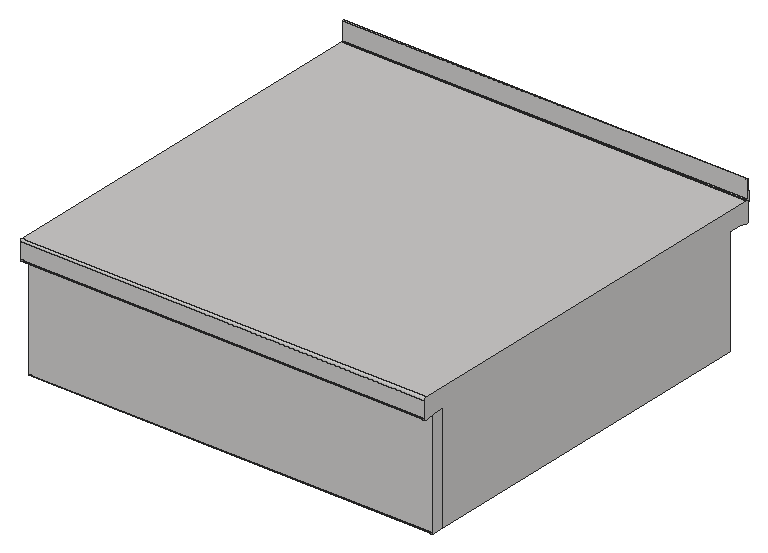
Revit family "QF_ELECTROLUXPROFESSIONAL_588117_MANABBHOOO", category Specialty Equipment, Revit 2021
Family settings
  Round Connector Dimension = Use Diameter
  Part Type = Normal
  Work Plane-Based = No
  Always vertical = Yes
  Cut with Voids When Loaded = No
  Shared = No
  Room Calculation Point = No
Parameters
  Weight in Pounds = 44.09
  Weight = 20.00 kg
  Watts = 0 W
  URL Manufacturer = "http://professional.electrolux.com"
  URL Cutsheet = "www.electrolux.com/professional"
  URL = "http://professional.electrolux.com"
  Type Mark [instance] = ""
  Status [instance] = ""
  Specification by User [instance] = ""
  Specification by Manufacturer = ""
  Serial Number = ""
  Seismic Rating = ""
  SMACNA No = ""
  Revision Code [instance] = ""
  Omniclass Number and Title = ""
  NAFEM Spec ID Number = ""
  Model = "MANABBHOOO"
  Masterspec = ""
  Manufacturer = "Electrolux Professional"
  Length Actual = 800.00 mm
  Item Number [instance] = "588117"
  Installed By [instance] = ""
  Identify Quantity as Lot [instance] = yes
  Height Actual = 250.00 mm
  HP = "0 HP"
  Gas KW = 0
  Furnished By [instance] = ""
  Foodservice Equipment Identifier [instance] = yes
  Direct Waste Size = 0"
  Description = "WORK TOP,CLOSED,1-S,BACKSPL,800X800X250H"
  Depth Actual = 800.00 mm
  Default Elevation = 0.00 mm
  CSI MasterFormat = ""
  CSI Master Format = ""
  Accessory = no
Reference planes
  plane 1 "BACK": y = 0
  plane 2: z = 0
  plane 3 "LEFT": x = 0
  plane 4 "RIGHT": x = 800
  plane 5 "FRONT": y = -800
  plane 6 "TOP": z = 250
  plane 7 "Center Y": x = 400
  plane 8 "Center X": y = -400
  plane 9: z = 288
Forms (mm)
  Extrusion 1, solid, material "QF_Finishes_Stainless Steel"
    sketch origin (0, 50.048, 0) x (0, 1, 0) y (0, 0, 1)
      loop
        line (-95.048, 213) -> (-71.412, 213) -> (-54.743, 210.061)
        arc (-54.743, 210.061) -> (-51.477, 210.936) -> (-50.048, 214) r 4
        line (-50.048, 214) -> (-50.048, 246)
        arc (-50.048, 246) -> (-51.22, 248.828) -> (-54.048, 250) r 4
        line (-54.048, 250) -> (-846.048, 250)
        arc (-846.048, 250) -> (-848.877, 248.828) -> (-850.048, 246) r 4
        line (-850.048, 246) -> (-850.048, 214)
        arc (-850.048, 214) -> (-848.619, 210.936) -> (-845.353, 210.061) r 4
        line (-845.353, 210.061) -> (-828.509, 213) -> (-805.048, 213) -> (-805.048, 0) -> (-95.048, 0) -> (-95.048, 213)
    from 0 to 800
  Extrusion 2, solid, material "QF_Finishes_Stainless Steel"
    sketch origin (0, 50.048, 0) x (0, 1, 0) y (0, 0, 1)
      loop
        arc (-828.048, 213) -> (-829.462, 212.414) -> (-830.048, 211) r 2
        line (-830.048, 211) -> (-830.048, 2)
        arc (-830.048, 2) -> (-829.462, 0.586) -> (-828.048, 0) r 2
        line (-828.048, 0) -> (-805.048, 0) -> (-805.048, 213) -> (-828.048, 213)
    from 0 to 800
  Extrusion 3, solid, material "QF_Finishes_Stainless Steel"
    sketch origin (0, -950.048, 0) x (0, -1, 0) y (0, 0, -1)
      loop
        arc (-948.097, -252.006) -> (-947.511, -250.592) -> (-946.097, -250.006) r 2
        arc (-946.097, -250.006) -> (-948.877, -248.828) -> (-950.048, -246) r 4
        line (-950.048, -246) -> (-950.048, -288.006) -> (-948.097, -288.006) -> (-948.097, -252.006)
    from 0 to 800
Lines and regions (mm)
  symbolic lines
    curve 1: line (0, 0, 0) -> (800, 0, 0)
    curve 2: line (0, -800, 0) -> (0, 0, 0)
    curve 3: line (800, -800, 0) -> (0, -800, 0)
    curve 4: line (800, 0, 0) -> (800, -800, 0)
    curve 5: line (0, -1.951, 0) -> (800, -1.951, 0)
Dimensions and locks
  equal spacing: plane 3 "LEFT", plane 7 "Center Y", plane 4 "RIGHT"
  plane 3 "LEFT" to plane 4 "RIGHT" = 800.00 mm
  equal spacing: plane 5 "FRONT", plane 8 "Center X", plane 1 "BACK"
  plane 5 "FRONT" to plane 1 "BACK" = 800.00 mm
  plane 6 "TOP" to level = 250.00 mm
  plane 9 to level = 288.00 mm
  plane 9 to plane 6 "TOP" = 38.00 mm
  aligned and locked: level to plane 2
  aligned and locked: Extrusion 1 to plane 4 "RIGHT"
  aligned and locked: Extrusion 2 to plane 4 "RIGHT"
  aligned and locked: Extrusion 3 to plane 4 "RIGHT"
Automatic sketch dimensions
  Extrusion 1 sketch curve to plane 5 "FRONT" = 0.00 mm
  Extrusion 1 sketch curve to plane 6 "TOP" = 0.00 mm
  Extrusion 1 sketch curve to level = 0.00 mm
  Extrusion 1 sketch curve to plane 1 "BACK" = 0.00 mm
  Extrusion 1 sketch curve to plane 5 "FRONT" = 4.695 mm
  Extrusion 1 sketch curve to plane 6 "TOP" = 39.939 mm
  Extrusion 1 sketch curve to plane 5 "FRONT" = 4.00 mm  (x2)
  Extrusion 1 sketch curve to Extrusion 1 sketch curve = 16.844 mm
  Extrusion 1 sketch curve to plane 5 "FRONT" = 45.00 mm
  plane 1 "BACK" to Extrusion 1 sketch curve = 45.00 mm
  plane 1 "BACK" to Extrusion 1 sketch curve = 21.364 mm
  plane 1 "BACK" to Extrusion 1 sketch curve = 4.00 mm
  plane 1 "BACK" to Extrusion 1 sketch curve = 4.695 mm
  Extrusion 1 sketch curve to Extrusion 1 sketch curve = 0.00 mm  (x2)
  Extrusion 1 sketch curve to Extrusion 1 sketch curve = 4.00 mm
  Extrusion 1 sketch curve to plane 6 "TOP" = 37.00 mm  (x2)
  Extrusion 1 sketch curve to Extrusion 1 sketch curve = 1.00 mm
  Extrusion 2 sketch curve to level = 0.00 mm
  Extrusion 2 sketch curve to plane 5 "FRONT" = 20.00 mm
  level to Extrusion 2 sketch curve = 2.00 mm
  Extrusion 2 sketch curve to Extrusion 2 sketch curve = 2.00 mm
  Extrusion 2 sketch curve to Extrusion 2 sketch curve = 23.00 mm
  Extrusion 2 sketch curve to plane 6 "TOP" = 39.00 mm
  Extrusion 3 sketch curve to plane 1 "BACK" = 0.00 mm  (x2)
  Extrusion 3 sketch curve to plane 6 "TOP" = 2.006 mm
  Extrusion 3 sketch curve to plane 6 "TOP" = 0.00 mm
  Extrusion 3 sketch curve to plane 9 = 0.006 mm
  Extrusion 3 sketch curve to Extrusion 3 sketch curve = 1.951 mm
  Extrusion 3 sketch curve to Extrusion 3 sketch curve = 2.00 mm
  Extrusion 3 sketch curve to Extrusion 3 sketch curve = 0.049 mm
  Extrusion 3 sketch curve to Extrusion 3 sketch curve = 0.00 mm
  plane 1 "BACK" to curve 1 = 0.00 mm
  curve 1 to plane 3 "LEFT" = 0.00 mm
  curve 1 to plane 4 "RIGHT" = 0.00 mm
  plane 5 "FRONT" to curve 4 = 0.00 mm
  curve 5 to curve 1 = 1.951 mm
